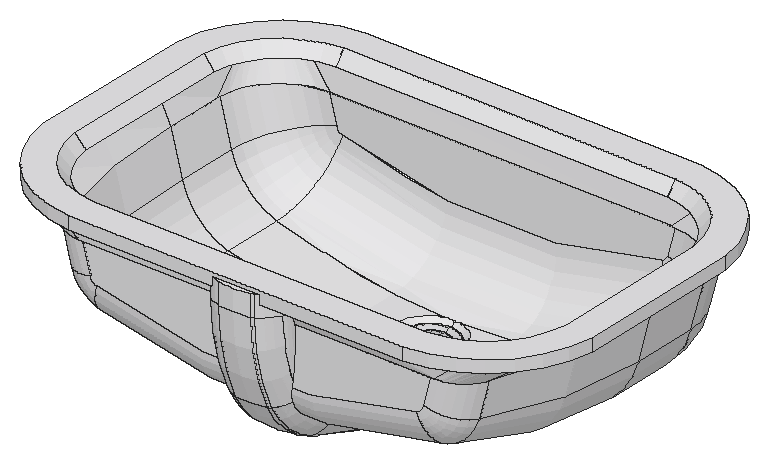
Revit family "Sink-Undermount-Lavatory-KOHLER-Ladena-K-36402X", category Plumbing Fixtures, host Face, Revit 2022
Family settings
  Host = Face
  Round Connector Dimension = Use Diameter
  Part Type = Normal
  OmniClass Number = 23.31.13.00
  Cut with Voids When Loaded = No
  Maintain Annotation Orientation = No
  Shared = No
  Room Calculation Point = No
Parameters (values of type "0-White")
  Width = 22.7874"  # constant formula
  WaterSense Certified = 1 = 0  # no
  Waste Water Outlet = "Waste Water Outlet"  # constant formula
  Waste Connection = 1 = 1  # yes
  Vent Connection = 1 = 0  # no
  URL = "https://www.kohler.co.th/"
  Type = 1
  Product Page URL = ""
  Product Name = "Ladena"  # constant formula
  Product Documentation Link = ""
  Model = if(Type = 1, "K-36402X-0", if(Type = 2, "K-36402PX-HB1", if(Type = 3, "K-36402X-TRF", "NA")))  # "K-36402X-0"
  Material = "Viterous China"  # constant formula
  Master Format 2014 Name = "Residential Lavatories and Sinks"  # constant formula
  Master Format 2014 = "22 41 16"  # constant formula
  Manufacturer Address = "16th Floor, Jasmine City Building 2, Soi Sukhumvit 23, Sukhumvit Road, Khlong Toei Nuea, Watthana, Bangkok 10110"  # constant formula
  Manufacturer = "Kohler Co."  # constant formula
  Length = 15.63386"  # constant formula
  Hot Water Inlet = "Hot Water Inlet"  # constant formula
  Height = 8.38189"  # constant formula
  HW Connection = 1 = 0  # no
  Finish = Kohler-Vitreous_China-0-White
  Environmental Product Declaration = ""
  Drain Included = 1 = 0  # no
  Description = "Refresh Under Counter Reactangular 530 mm"  # constant formula
  Default Elevation = 36"
  Declare Label = ""
  Date Modified = "03/25/2025"  # constant formula
  Date Created = "12/04/2024"  # constant formula
  Copyright = "Copyright Kohler Co."  # constant formula
  Contact Us = "https://www.kohler.co.th/contact-us"
  Cold Water Inlet = "Cold Water Inlet"  # constant formula
  CW Connection = 1 = 0  # no
  Assembly Code = "D2010400"
  ADA Compliant = 1 = 0  # no
Types (4): name | Type | Model | Finish
  (no name) | 1 | "K-36402X-0" | Kohler-Vitreous_China-0-White
  0-White | 1 | "K-36402X-0" | Kohler-Vitreous_China-0-White
  HB1-Honed Black | 2 | "K-36402PX-HB1" | Kohler-Vitreous_China-HB1-Honed_Black
  TRF-Truffle | 3 | "K-36402X-TRF" | KOHLER-Vitreous_China-TRF-Truffle
Reference planes (in)
  plane 1 "Center (Front/Back)": y = 0
  plane 2: z = 0
  plane 3 "Center (Left/Right)": x = 0
  plane 4: z = -1
  plane 5: z = -1.50787
  plane 6: z = -9.38189
  plane 7: y = -2.3563
  plane 8: y = -9.24016
  plane 9: y = 4.52756
  plane 10: x = -10.45866
  plane 11: x = 10.45866
  plane 12: x = -11.3937
  plane 13: x = 11.3937
  plane 14: y = 5.47244
  plane 15: y = -10.16142
Forms (in)
  Extrusion 1, void
    sketch origin (0, 0, 0) x (1, 0, 0) y (0, 1, 0)
      loop
        arc (6.69931, 5.50203) -> (0.00379, 5.70868) -> (-6.692, 5.51055) r 110.85857
        arc (-6.692, 5.51055) -> (-9.93699, 4.08756) -> (-11.48011, 0.89794) r 5.11811
        arc (-11.48011, 0.89794) -> (-11.63975, -2.35044) -> (-11.48711, -5.59916) r 33.87203
        arc (-11.48711, -5.59916) -> (-9.947, -8.79584) -> (-6.69822, -10.22274) r 5.11811
        arc (-6.69822, -10.22274) -> (0.00378, -10.42124) -> (6.70552, -10.21421) r 110.85857
        arc (6.70552, -10.21421) -> (9.95067, -8.78493) -> (11.48804, -5.58958) r 5.11811
        arc (11.48804, -5.58958) -> (11.63977, -2.35044) -> (11.48106, 0.88837) r 33.87203
        arc (11.48106, 0.88837) -> (9.94067, 4.07667) -> (6.69931, 5.50203) r 5.11811
    from -1 to -1.50787
  Extrusion 2, void
    sketch origin (0, 0, 0) x (1, 0, 0) y (0, 0, 1)
      loop
        line (-10.86245, -1.50787) -> (-10.86245, -9.38189) -> (11.29666, -9.38189) -> (11.29666, -1.50787) -> (-10.86245, -1.50787)
    from -5.08654 to 10.35959
  Extrusion 3, void
    sketch origin (0, 0, 0) x (1, 0, 0) y (0, 1, 0)
      loop
        arc (-10.31133, -5.48716) -> (-9.12663, -7.94613) -> (-6.62757, -9.04375) r 3.93701
        arc (-6.62757, -9.04375) -> (0.00303, -9.24014) -> (6.63337, -9.03531) r 109.67747
        arc (6.63337, -9.03531) -> (9.12964, -7.93587) -> (10.31223, -5.47791) r 3.93701
        arc (10.31223, -5.47791) -> (10.45867, -2.35171) -> (10.3055, 0.77416) r 32.69093
        arc (10.3055, 0.77416) -> (9.12058, 3.2267) -> (6.62723, 4.32313) r 3.93701
        arc (6.62723, 4.32313) -> (0.00304, 4.52758) -> (-6.62141, 4.33156) r 109.67747
        arc (-6.62141, 4.33156) -> (-9.11756, 3.23695) -> (-10.30457, 0.7834) r 3.93701
        arc (-10.30457, 0.7834) -> (-10.45864, -2.35172) -> (-10.31133, -5.48716) r 32.69093
    from -1 to 1.68148
Dimensions and locks (in)
  level to plane 4 = 1"
  "Height": plane 4 to plane 6
  plane 10 to plane 11 = 20.91732"
  plane 8 to plane 9 = 13.76772"
  "Length": plane 15 to plane 14
  "Width": plane 12 to plane 13
  plane 4 to plane 5 = 0.50787"
  plane 1 "Center (Front/Back)" to plane 14 = 5.47244"
  plane 3 "Center (Left/Right)" to plane 13 = 11.3937"
  aligned and locked: plane 2 to host face
  aligned and locked: level to host face
  aligned and locked: plane 3 "Center (Left/Right)" to nested 1
  aligned and locked: plane 1 "Center (Front/Back)" to nested 1
  aligned and locked: plane 4 to Extrusion 1
  aligned and locked: Extrusion 2 to plane 6
  aligned and locked: plane 5 to Extrusion 2
  aligned and locked: Extrusion 3 to plane 4
Automatic sketch dimensions
  host sketch curve to host sketch curve = 96"  (x2)
  plane 7 to Extrusion 1 sketch curve = 0.03064"  (x2)
  plane 10 to Extrusion 1 sketch curve = 4.0666"
  Extrusion 1 sketch curve to plane 1 "Center (Front/Back)" = 0.40159"
  plane 10 to Extrusion 1 sketch curve = 4.07254"
  Extrusion 1 sketch curve to plane 3 "Center (Left/Right)" = 0.06675"  (x2)
  Extrusion 1 sketch curve to plane 1 "Center (Front/Back)" = 0.39346"
  plane 11 to Extrusion 1 sketch curve = 4.07172"
  plane 11 to Extrusion 1 sketch curve = 4.0658"
  plane 7 to Extrusion 1 sketch curve = 2.74936"
  plane 7 to Extrusion 1 sketch curve = 2.75749"
  Extrusion 1 sketch curve to Extrusion 1 sketch curve = 0"  (x7)
  Extrusion 2 sketch curve to plane 6 = 0"
  Extrusion 2 sketch curve to plane 5 = 0"
  Extrusion 2 sketch curve to plane 10 = 0.40379"
  plane 7 to Extrusion 3 sketch curve = 0.03064"  (x2)
  plane 7 to Extrusion 3 sketch curve = 2.75749"
  plane 10 to Extrusion 3 sketch curve = 4.0666"
  Extrusion 3 sketch curve to plane 1 "Center (Front/Back)" = 0.40159"
  plane 10 to Extrusion 3 sketch curve = 4.07254"
  Extrusion 3 sketch curve to plane 3 "Center (Left/Right)" = 0.06675"  (x2)
  Extrusion 3 sketch curve to plane 1 "Center (Front/Back)" = 0.39346"
  plane 11 to Extrusion 3 sketch curve = 4.07172"
  plane 11 to Extrusion 3 sketch curve = 4.0658"
  plane 7 to Extrusion 3 sketch curve = 2.74936"
  plane 10 to Extrusion 3 sketch curve = 0.14734"
  Extrusion 3 sketch curve to Extrusion 3 sketch curve = 0"  (x7)
  Extrusion 1 sketch curve to Extrusion 1 sketch curve = 94.92676"
  Extrusion 3 sketch curve to plane 9 = 95.90975"
  Extrusion 1 sketch curve to Extrusion 1 sketch curve = 94.92713"
  plane 8 to Extrusion 3 sketch curve = 95.90971"
  Extrusion 1 sketch curve to plane 10 = 11.77358"
  Extrusion 1 sketch curve to Extrusion 1 sketch curve = 100.03607"
  Extrusion 3 sketch curve to plane 10 = 11.77358"
  Extrusion 1 sketch curve to Extrusion 1 sketch curve = 10.74422"
  Extrusion 2 sketch curve to plane 11 = 0.838"
  Extrusion 3 sketch curve to plane 11 = 11.77361"
Nested families (in)
  nested 1: "K-36402X" at (0, 0, 0), type "K-36402X"
Connectors (in)
  piping at (0, 0, -9.38296), diameter 1.25, driven by "Waste Connection", driven by "Waste Water Outlet"
    settings: on nested 1, index 1, connector inside diameter 24", connector length 0", flow factor 0, pipe flow 0 GPM, pressure drop 0.00 psi, fitting loss kfactor 0, connector angle 0.00°, fixture units 0, engagement length 0", angle of deflection 0.00°, flow configuration 0, flow direction 2, fitting loss method 0, system type 16, joint type 0, gender type 0, connector reference index -1, connector utility 1, adjustable connector no, is connector primary yes, connector description "Waste Water Outlet"
Definition of nested family "K-36402X"
  Parameters
    Material = none
    Default Elevation = 0"
  Reference planes (in)
    plane 1 "Center (Front/Back)": y = 0
    plane 2: z = 0
    plane 3 "Center (Left/Right)": x = 0
    plane 4: z = -1
    plane 5: x = -11.3937
    plane 6: y = 5.47244
    plane 7: y = -10.16142
    plane 8: x = -10.45866
    plane 9: x = 10.45866
    plane 10: y = -2.3563
    plane 11: y = 4.52756
    plane 12: y = -9.24016
    plane 13: z = -1.50787
    plane 14: z = 7.38189
    plane 15: z = -9.38189
    plane 16 "A": through (0, 1.9191, -7.11523) normal (0, 0.9816, -0.1908)
    plane 17: x = 11.3937
  Forms (in)
    Sweep 1, solid, material <- "Material", detail levels medium+fine
      path origin (0, 0, 0) x (1, 0, 0) y (0, 0, 1)
        loop
          line (10.35118, -1.50153) -> (9.57221, -4.40867)
          arc (9.57221, -4.40867) -> (8.77674, -5.82154) -> (7.39961, -6.67738) r 3.26429
          arc (7.39961, -6.67738) -> (0, -7.81491) -> (-7.39961, -6.67738) r 24.6358
          arc (-7.39961, -6.67738) -> (-8.77674, -5.82154) -> (-9.57221, -4.40867) r 3.26429
          line (-9.57221, -4.40867) -> (-10.35118, -1.50153)
      profile origin (0, 0, -7.81491) x (0, 0, -1) y (0, -1, 0)
        loop
          line (0, -1.3925) -> (0, 1.2766)
          arc (0, 1.2766) -> (-0.33302, 4.62674) -> (-1.31904, 7.84577) r 17.01763
          arc (-1.31904, 7.84577) -> (-1.92824, 8.58399) -> (-2.84442, 8.86101) r 1.65354
          line (-2.84442, 8.86101) -> (-2.97524, 8.86101) -> (-2.97524, 8.38883) -> (-2.5544, 8.38883)
          arc (-2.5544, 8.38883) -> (-1.76488, 8.12316) -> (-1.2966, 7.43423) r 1.30594
          arc (-1.2966, 7.43423) -> (-0.6647, 4.38419) -> (-0.45276, 1.2766) r 22.88834
          line (-0.45276, 1.2766) -> (-0.45276, -1.23529)
          arc (-0.45276, -1.23529) -> (-1.16769, -2.9613) -> (-2.8937, -3.67623) r 2.44094
          line (-2.8937, -3.67623) -> (-3.1967, -3.67623) -> (-3.1967, -4.14841) -> (-2.75591, -4.14841)
          arc (-2.75591, -4.14841) -> (-0.80719, -3.34122) -> (0, -1.3925) r 2.75591
    Extrusion 2, solid, material <- "Material", detail levels medium+fine
      sketch origin (0, 0, 0) x (1, 0, 0) y (0, 0, 1)
        loop
          line (7.47732, -0.73148) -> (-7.47732, -0.73148) -> (-6.69835, -3.63862)
          arc (-6.69835, -3.63862) -> (-6.62791, -3.76373) -> (-6.50596, -3.83952) r 0.28906
          arc (-6.50596, -3.83952) -> (0, -4.83968) -> (6.50596, -3.83952) r 21.66057
          arc (6.50596, -3.83952) -> (6.62791, -3.76373) -> (6.69835, -3.63862) r 0.28906
          line (6.69835, -3.63862) -> (7.47732, -0.73148)
      from -4.14841 to -3.67623
    Extrusion 3, solid, material <- "Material", detail levels medium+fine
      sketch origin (0, 0, 0) x (1, 0, 0) y (0, 0, 1)
        loop
          arc (-6.69835, -3.63862) -> (-6.62791, -3.76373) -> (-6.50596, -3.83952) r 0.28906
          arc (-6.50596, -3.83952) -> (0, -4.83968) -> (6.50596, -3.83952) r 21.66057
          arc (6.50596, -3.83952) -> (6.62791, -3.76373) -> (6.69835, -3.63862) r 0.28906
          line (6.69835, -3.63862) -> (7.47732, -0.73148) -> (-7.47732, -0.73148) -> (-6.69835, -3.63862)
      from 8.38883 to 8.86101
    Extrusion 4, void
      sketch origin (0, 0, 0) x (0, 1, 0) y (0, 0, 1)
        loop
          line (6.49332, -2.51542) -> (6.49332, 0.24049) -> (-11.61691, 0.24049) -> (-11.61691, -2.51542) -> (6.49332, -2.51542)
      from -12.17349 to 12.00727
    Sweep 5, solid, material <- "Material", detail levels medium+fine
      path origin (0, 0, 0) x (1, 0, 0) y (0, 1, 0)
        loop
          arc (-11.21201, 1.11103) -> (-11.39362, -2.30965) -> (-11.2288, -5.73118) r 33.87203
          arc (-11.2288, -5.73118) -> (-9.81344, -8.65042) -> (-6.84311, -9.95519) r 4.69558
          arc (-6.84311, -9.95519) -> (0.00548, -10.16246) -> (6.8538, -9.94626) r 110.85857
          arc (6.8538, -9.94626) -> (9.81769, -8.64073) -> (11.22933, -5.72588) r 4.69115
          arc (11.22933, -5.72588) -> (11.39363, -2.31281) -> (11.21321, 1.09944) r 33.87203
          arc (11.21321, 1.09944) -> (9.81101, 3.96939) -> (6.88662, 5.25418) r 4.64253
          arc (6.88662, 5.25418) -> (0.00265, 5.47244) -> (-6.8816, 5.2628) r 110.85857
          arc (-6.8816, 5.2628) -> (-9.80789, 3.98075) -> (-11.21201, 1.11103) r 4.64058
      profile origin (-11.39362, -2.30965, 0) x (0.999997, -0.002455, 0) y (0, 0, 1)
        loop
          line (1.1811, -0.99659) -> (0, -0.99659) -> (0, -1.50153) -> (1.5874, -1.50153)
          arc (1.5874, -1.50153) -> (1.39655, -1.23916) -> (1.1811, -0.99659) r 3.33292
    Blend 6, void
      base sketch origin (0, 0, 0) x (1, 0, 0) y (0, 1, 0)
        loop
          arc (-7.05172, 3.67623) -> (-8.86125, 2.9267) -> (-9.61078, 1.11718) r 2.55906
          line (-9.61078, 1.11718) -> (-9.61078, -1.27352)
          arc (-9.61078, -1.27352) -> (-9.39221, -4.3782) -> (-8.7408, -7.42164) r 22.15941
          arc (-8.7408, -7.42164) -> (-8.25934, -8.12005) -> (-7.45477, -8.38883) r 1.33858
          line (-7.45477, -8.38883) -> (7.54341, -8.38883)
          arc (7.54341, -8.38883) -> (8.27491, -8.14532) -> (8.71451, -7.51195) r 1.22047
          arc (8.71451, -7.51195) -> (9.38557, -4.42476) -> (9.61078, -1.27352) r 22.15941
          line (9.61078, -1.27352) -> (9.61078, 0.99907)
          arc (9.61078, 0.99907) -> (8.82665, 2.89211) -> (6.93361, 3.67623) r 2.67717
          line (6.93361, 3.67623) -> (-7.05172, 3.67623)
      top sketch origin (0, 0, 0) x (1, 0, 0) y (0, 1, 0)
        loop
          arc (7.99256, 3.82367) -> (0.00208, 4.12126) -> (-7.98877, 3.83374) r 109.27117
          arc (-7.98877, 3.83374) -> (-9.14005, 3.33152) -> (-9.7222, 2.21852) r 1.88976
          arc (-9.7222, 2.21852) -> (-9.92792, 0.44512) -> (-10.0353, -1.33695) r 32.28463
          arc (-10.0353, -1.33695) -> (-9.99538, -4.30447) -> (-9.68313, -7.2558) r 32.28463
          arc (-9.68313, -7.2558) -> (-9.2212, -8.12738) -> (-8.31714, -8.52197) r 1.49606
          arc (-8.31714, -8.52197) -> (0.00192, -8.83386) -> (8.32058, -8.51151) r 109.27117
          arc (8.32058, -8.51151) -> (9.22365, -8.11625) -> (9.68478, -7.24498) r 1.49606
          arc (9.68478, -7.24498) -> (9.99571, -4.29901) -> (10.0353, -1.33695) r 32.28463
          arc (10.0353, -1.33695) -> (9.92838, 0.43983) -> (9.72371, 2.20801) r 32.28463
          arc (9.72371, 2.20801) -> (9.14257, 3.3206) -> (7.99256, 3.82367) r 1.88976
      from -2.51542 to -1.50153
    Blend 7, solid, material <- "Material"
      base sketch origin (0.08027, 0, 0) x (1, 0, 0) y (0, 1, 0)
        loop
          arc (8.57814, -7.97204) -> (9.63458, -4.72105) -> (9.99923, -1.32222) r 16.5182
          line (9.99923, -1.32222) -> (9.99923, 1.31376)
          arc (9.99923, 1.31376) -> (9.16899, 3.31816) -> (7.16459, 4.14841) r 2.83465
          line (7.16459, 4.14841) -> (-7.32513, 4.14841)
          arc (-7.32513, 4.14841) -> (-9.32953, 3.31816) -> (-10.15978, 1.31376) r 2.83465
          line (-10.15978, 1.31376) -> (-10.15978, -1.32222)
          arc (-10.15978, -1.32222) -> (-9.79512, -4.72105) -> (-8.73868, -7.97204) r 16.5182
          arc (-8.73868, -7.97204) -> (-8.18679, -8.61923) -> (-7.37133, -8.86101) r 1.49606
          line (-7.37133, -8.86101) -> (7.21079, -8.86101)
          arc (7.21079, -8.86101) -> (8.02625, -8.61923) -> (8.57814, -7.97204) r 1.49606
      top sketch origin (0.08027, 0, 0) x (1, 0, 0) y (0, 1, 0)
        loop
          arc (8.00983, 4.27638) -> (0.00238, 4.57401) -> (-8.00544, 4.28647) r 109.72392
          arc (-8.00544, 4.28647) -> (-9.44521, 3.65838) -> (-10.17275, 2.26621) r 2.3622
          arc (-10.17275, 2.26621) -> (-10.37968, 0.47633) -> (-10.48781, -1.32222) r 32.73739
          arc (-10.48781, -1.32222) -> (-10.44783, -4.32305) -> (-10.13322, -7.30761) r 32.73739
          arc (-10.13322, -7.30761) -> (-9.52553, -8.45518) -> (-8.33542, -8.97463) r 1.9685
          arc (-8.33542, -8.97463) -> (0.00221, -9.28661) -> (8.33945, -8.96415) r 109.72392
          arc (8.33945, -8.96415) -> (9.52825, -8.44381) -> (10.13488, -7.29665) r 1.9685
          arc (10.13488, -7.29665) -> (10.44816, -4.31752) -> (10.48781, -1.32222) r 32.73739
          arc (10.48781, -1.32222) -> (10.38015, 0.47098) -> (10.17428, 2.25557) r 32.73739
          arc (10.17428, 2.25557) -> (9.448, 3.64723) -> (8.00983, 4.27638) r 2.3622
      from -2.51542 to -1.50153
    Sweep 8, solid, material <- "Material"
      path origin (0, 0, 0) x (0, 1, 0) y (0, 0, 1)
        loop
          arc (0.1399, -9.10944) -> (-3.627, -8.92534) -> (-7.24136, -7.84842) r 15.70301
          arc (-7.24136, -7.84842) -> (-8.49176, -7.02373) -> (-9.38816, -5.8237) r 4.34852
          arc (-9.38816, -5.8237) -> (-10.0663, -3.97372) -> (-10.29654, -2.01686) r 8.43103
          line (-10.29654, -2.01686) -> (-10.29654, -1.14798)
      profile origin (0, -10.29654, -1.58242) x (0, -1, 0) y (1, 0, 0)
        loop
          arc (-0.18346, -0.55598) -> (-0.14855, 0.08182) -> (-0.21003, 0.71761) r 4.23211
          arc (-0.21003, 0.71761) -> (-0.23029, 0.79112) -> (-0.26434, 0.85934) r 0.3937
          arc (-0.26434, 0.85934) -> (-0.56541, 1.20943) -> (-0.95668, 1.45462) r 1.54111
          arc (-0.95668, 1.45462) -> (-1.26511, 1.53449) -> (-1.58317, 1.51584) r 1.02536
          line (-1.58317, 1.51584) -> (-1.58317, -1.51584)
          arc (-1.58317, -1.51584) -> (-1.26511, -1.53449) -> (-0.95668, -1.45462) r 1.02536
          arc (-0.95668, -1.45462) -> (-0.65806, -1.28309) -> (-0.40498, -1.04954) r 1.54111
          arc (-0.40498, -1.04954) -> (-0.25798, -0.81903) -> (-0.18346, -0.55598) r 0.94071
    Revolve 9, void
      sketch origin (0, 0, 0) x (0, 1, 0) y (0, 0, 1)
        loop
          line (1.44636, -7.17063) -> (0, -7.17063) -> (0, -9.19284) -> (0.87658, -9.19284) -> (0.87658, -7.85865)
          arc (0.87658, -7.85865) -> (0.89831, -7.7494) -> (0.9602, -7.65679) r 0.28548
          line (0.9602, -7.65679) -> (1.44636, -7.17063)
        axis (0, -9.19284) -> (0, -7.17063)
      angle from 0 to 360
    Revolve 10, solid, detail levels medium+fine
      sketch origin (0, 0, 0) x (0, 1, 0) y (0, 0, 1)
        loop
          arc (0.00146, -7.49155) -> (-0.37845, -7.51712) -> (-0.75125, -7.59462) r 2.76678
          arc (-0.75125, -7.59462) -> (-0.76759, -7.61956) -> (-0.74511, -7.63915) r 0.02269
          line (-0.74511, -7.63915) -> (-0.25348, -7.63915) -> (-0.25348, -8.10224) -> (0.00146, -8.10224) -> (0.00146, -7.49155)
        axis (0.00146, -8.10224) -> (0.00146, -7.49155)
      angle from 0 to 360
    Revolve 11, solid, detail levels medium+fine
      sketch origin (0, 0, 0) x (0, 1, 0) y (0, 0, 1)
        loop
          arc (-0.75682, -8.24845) -> (-0.72219, -8.27625) -> (-0.69529, -8.24093) r 0.031
          line (-0.69529, -8.24093) -> (-0.7845, -7.63915)
          arc (-0.7845, -7.63915) -> (-0.89645, -7.55318) -> (-1.03264, -7.51607) r 0.36535
          arc (-1.03264, -7.51607) -> (-1.06307, -7.53846) -> (-1.04577, -7.57205) r 0.02912
          arc (-1.04577, -7.57205) -> (-0.94864, -7.61064) -> (-0.85067, -7.64705) r 4.68246
          arc (-0.85067, -7.64705) -> (-0.8226, -7.66739) -> (-0.80978, -7.6996) r 0.06218
          line (-0.80978, -7.6996) -> (-0.75682, -8.24845)
        axis (0.00146, -8.24845) -> (0.00146, -7.51607)
      angle from 0 to 360
    Revolve 12, solid, material <- "Material", detail levels medium+fine
      sketch origin (0, 0, 0) x (0, 1, 0) y (0, 0, 1)
        loop
          line (1.42746, -9.38296) -> (1.57551, -7.69075) -> (1.12692, -7.69075) -> (1.01667, -8.95085)
          arc (1.01667, -8.95085) -> (1.00439, -8.97575) -> (0.97851, -8.98582) r 0.03831
          line (0.97851, -8.98582) -> (0.92436, -8.98582)
          arc (0.92436, -8.98582) -> (0.89657, -8.99732) -> (0.88506, -9.02511) r 0.03929
          line (0.88506, -9.02511) -> (0.88506, -9.38296) -> (1.42746, -9.38296)
        axis (0, -9.38296) -> (0, -7.69075)
      angle from 0 to 360
    Extrusion 13, void
      sketch origin (0, 0, 0) x (0, 1, 0) y (0, 0, 1)
        loop
          line (-8.818, -2.61786) -> (-8.818, -4.87132)
          arc (-8.818, -4.87132) -> (-8.54153, -5.78668) -> (-7.80456, -6.39595) r 1.65354
          arc (-7.80456, -6.39595) -> (-6.03883, -7.03273) -> (-4.21708, -7.48505) r 18.2757
          line (-4.21708, -7.48505) -> (-4.21708, -0.99659) -> (-9.49861, -0.99659) -> (-8.818, -2.61786)
      from -2.31361 to 2.3162
    Sweep 14, solid, material <- "Material", detail levels coarse
      path origin (0, 0, 0) x (1, 0, 0) y (0, 0, 1)
        loop
          line (10.35118, -1.50153) -> (9.57221, -4.40867)
          arc (9.57221, -4.40867) -> (8.77674, -5.82154) -> (7.39961, -6.67738) r 3.26429
          arc (7.39961, -6.67738) -> (0, -7.81491) -> (-7.39961, -6.67738) r 24.6358
          arc (-7.39961, -6.67738) -> (-8.77674, -5.82154) -> (-9.57221, -4.40867) r 3.26429
          line (-9.57221, -4.40867) -> (-10.35118, -1.50153)
      profile origin (0, 0, -7.81491) x (0, 0, -1) y (0, -1, 0)
        loop
          line (0, -1.3925) -> (0, 1.2766)
          arc (0, 1.2766) -> (-0.33302, 4.62674) -> (-1.31904, 7.84577) r 17.01763
          arc (-1.31904, 7.84577) -> (-1.92824, 8.58399) -> (-2.84442, 8.86101) r 1.65354
          line (-2.84442, 8.86101) -> (-2.97524, 8.86101) -> (-2.97524, 8.38883) -> (-2.5544, 8.38883)
          arc (-2.5544, 8.38883) -> (-1.76488, 8.12316) -> (-1.2966, 7.43423) r 1.30594
          arc (-1.2966, 7.43423) -> (-0.6647, 4.38419) -> (-0.45276, 1.2766) r 22.88834
          line (-0.45276, 1.2766) -> (-0.45276, -1.23529)
          arc (-0.45276, -1.23529) -> (-1.16769, -2.9613) -> (-2.8937, -3.67623) r 2.44094
          line (-2.8937, -3.67623) -> (-3.1967, -3.67623) -> (-3.1967, -4.14841) -> (-2.75591, -4.14841)
          arc (-2.75591, -4.14841) -> (-0.80719, -3.34122) -> (0, -1.3925) r 2.75591
    Extrusion 15, solid, material <- "Material", detail levels coarse
      sketch origin (0, 0, 0) x (1, 0, 0) y (0, 0, 1)
        loop
          arc (-6.69835, -3.63862) -> (-6.62791, -3.76373) -> (-6.50596, -3.83952) r 0.28906
          arc (-6.50596, -3.83952) -> (0, -4.83968) -> (6.50596, -3.83952) r 21.66057
          arc (6.50596, -3.83952) -> (6.62791, -3.76373) -> (6.69835, -3.63862) r 0.28906
          line (6.69835, -3.63862) -> (6.99931, -2.51542) -> (-6.99931, -2.51542) -> (-6.69835, -3.63862)
      from 8.38883 to 8.86101
    Extrusion 16, solid, material <- "Material", detail levels coarse
      sketch origin (0, 0, 0) x (1, 0, 0) y (0, 0, 1)
        loop
          line (6.47485, -3.61711) -> (6.77004, -2.51542) -> (-6.77004, -2.51542) -> (-6.47485, -3.61711)
          arc (-6.47485, -3.61711) -> (0, -4.61822) -> (6.47485, -3.61711) r 21.43911
      from -4.14841 to -3.67623
    Extrusion 17, solid, material <- "Material", detail levels coarse
      sketch origin (0, 0, 0) x (1, 0, 0) y (0, 1, 0)
        loop
          arc (6.88662, 5.25418) -> (0.00265, 5.47244) -> (-6.8816, 5.2628) r 110.85857
          arc (-6.8816, 5.2628) -> (-9.80789, 3.98075) -> (-11.21201, 1.11103) r 4.64058
          arc (-11.21201, 1.11103) -> (-11.39362, -2.30965) -> (-11.2288, -5.73118) r 33.87203
          arc (-11.2288, -5.73118) -> (-9.81344, -8.65042) -> (-6.84311, -9.95519) r 4.69558
          arc (-6.84311, -9.95519) -> (0.00548, -10.16246) -> (6.8538, -9.94626) r 110.85857
          arc (6.8538, -9.94626) -> (9.81769, -8.64073) -> (11.22933, -5.72588) r 4.69115
          arc (11.22933, -5.72588) -> (11.39363, -2.31281) -> (11.21321, 1.09944) r 33.87203
          arc (11.21321, 1.09944) -> (9.81101, 3.96939) -> (6.88662, 5.25418) r 4.64253
        loop
          arc (6.76778, -8.571) -> (8.86107, -7.64894) -> (9.85806, -5.59028) r 3.3132
          arc (9.85806, -5.59028) -> (10.01568, -2.31607) -> (9.8426, 0.95737) r 32.49408
          arc (9.8426, 0.95737) -> (8.85659, 2.97549) -> (6.80019, 3.87894) r 3.26458
          arc (6.80019, 3.87894) -> (0.00178, 4.09449) -> (-6.79689, 3.88745) r 109.48062
          arc (-6.79689, 3.88745) -> (-8.85426, 2.98609) -> (-9.84145, 0.96849) r 3.26263
          arc (-9.84145, 0.96849) -> (-10.01567, -2.31303) -> (-9.85756, -5.59537) r 32.49408
          arc (-9.85756, -5.59537) -> (-8.85754, -7.65794) -> (-6.75888, -8.57981) r 3.31763
          arc (-6.75888, -8.57981) -> (0.00458, -8.78451) -> (6.76778, -8.571) r 109.48062
      from -1.50153 to -0.99659
    Revolve 18, solid, material <- "Material", detail levels coarse
      sketch origin (0, 0, 0) x (0, 1, 0) y (0, 0, 1)
        loop
          line (1.42746, -9.38296) -> (1.57551, -7.69075) -> (1.12692, -7.69075) -> (1.01667, -8.95085)
          arc (1.01667, -8.95085) -> (1.00439, -8.97575) -> (0.97851, -8.98582) r 0.03831
          line (0.97851, -8.98582) -> (0.92436, -8.98582)
          arc (0.92436, -8.98582) -> (0.89657, -8.99732) -> (0.88506, -9.02511) r 0.03929
          line (0.88506, -9.02511) -> (0.88506, -9.38296) -> (1.42746, -9.38296)
        axis (0, -9.38296) -> (0, -7.69075)
      angle from 0 to 360
    Extrusion 19, void
      sketch origin (0, 0, 0) x (1, 0, 0) y (0, 0, 1)
        loop
          circle (0, -2.09822) r 0.19685
      from 8.19135 to 9.84252
  Cuts and joins
    Extrusion 4, Revolve 9 cuts Sweep 1
    Extrusion 4 cuts Extrusion 2
    Extrusion 4 cuts Extrusion 3
    joined: Sweep 1, Extrusion 2, Extrusion 3
    Blend 6, Extrusion 19 cuts Blend 7
    Revolve 9, Extrusion 13 cuts Sweep 8
    Extrusion 4 cuts Sweep 14
    joined: Sweep 14, Extrusion 15, Extrusion 16
  Lines and regions (in)
    Masking region 1
      outline origin (0, 0, 0) x (0, 1, 0) y (0, 0, 1)
        loop
          arc (-10.13617, -1.43318) -> (-10.13042, -1.57395) -> (-10.12159, -1.71456) r 6.44366
          arc (-10.12159, -1.71456) -> (-10.06284, -2.39252) -> (-9.97491, -3.06731) r 15.78535
          arc (-9.97491, -3.06731) -> (-9.63946, -4.56863) -> (-9.04175, -5.9861) r 8.59497
          arc (-9.04175, -5.9861) -> (-8.14672, -7.1598) -> (-6.9232, -7.98541) r 4.5521
          arc (-6.9232, -7.98541) -> (-5.98973, -8.35156) -> (-5.0247, -8.6239) r 10.15964
          arc (-5.0247, -8.6239) -> (-3.30415, -8.96703) -> (-1.56175, -9.17209) r 22.01695
          arc (-1.56175, -9.17209) -> (-1.43835, -9.22851) -> (-1.38071, -9.35133) r 0.197
          line (-1.38071, -9.35133) -> (-1.37798, -9.38256) -> (1.37793, -9.38256) -> (1.5226, -7.72902)
          arc (1.5226, -7.72902) -> (1.5446, -7.68089) -> (1.59204, -7.65745) r 0.079
          arc (1.59204, -7.65745) -> (2.04344, -7.56396) -> (2.47191, -7.39391) r 2.65892
          arc (2.47191, -7.39391) -> (2.80714, -7.15663) -> (3.05611, -6.82999) r 1.3581
          arc (3.05611, -6.82999) -> (3.2526, -6.32856) -> (3.391, -5.80808) r 4.74413
          arc (3.391, -5.80808) -> (3.76334, -4.16077) -> (4.14218, -2.51494) r 427.62167
          arc (4.14218, -2.51494) -> (4.35764, -2.01544) -> (4.65593, -1.56054) r 3.14555
          arc (4.65593, -1.56054) -> (4.6995, -1.52354) -> (4.75403, -1.5064) r 0.14404
          line (4.75403, -1.5064) -> (5.44974, -1.43318) -> (5.47244, -1) -> (-10.16142, -1) -> (-10.13872, -1.43318)
    Masking region 2
      outline origin (0, 0, 0) x (1, 0, 0) y (0, 0, 1)
        loop
          line (1.37812, -9.38259) -> (1.5177, -7.78723)
          arc (1.5177, -7.78723) -> (1.54179, -7.73702) -> (1.59302, -7.71519) r 0.079
          arc (1.59302, -7.71519) -> (2.91115, -7.61705) -> (4.22045, -7.43587) r 20.92094
          arc (4.22045, -7.43587) -> (5.65503, -7.14597) -> (7.07118, -6.77638) r 26.18892
          arc (7.07118, -6.77638) -> (7.84687, -6.47085) -> (8.54912, -6.0215) r 4.30418
          arc (8.54912, -6.0215) -> (9.05888, -5.51641) -> (9.42406, -4.89866) r 2.80965
          arc (9.42406, -4.89866) -> (9.63302, -4.28768) -> (9.78929, -3.66114) r 7.58925
          arc (9.78929, -3.66114) -> (9.92328, -3.086) -> (10.07364, -2.51492) r 20.67423
          arc (10.07364, -2.51492) -> (10.29665, -2.00361) -> (10.6048, -1.53862) r 3.21054
          arc (10.6048, -1.53862) -> (10.62857, -1.51858) -> (10.65823, -1.50926) r 0.079
          line (10.65823, -1.50926) -> (11.371, -1.4332) -> (11.3937, -1) -> (-11.3937, -1) -> (-11.371, -1.4332) -> (-10.75284, -1.4822)
          arc (-10.75284, -1.4822) -> (-10.65186, -1.51213) -> (-10.57172, -1.58047) r 0.25382
          arc (-10.57172, -1.58047) -> (-10.28371, -2.027) -> (-10.0733, -2.51492) r 3.21054
          arc (-10.0733, -2.51492) -> (-9.92294, -3.086) -> (-9.78895, -3.66114) r 20.67423
          arc (-9.78895, -3.66114) -> (-9.63268, -4.28768) -> (-9.42372, -4.89866) r 7.58925
          arc (-9.42372, -4.89866) -> (-9.05854, -5.51641) -> (-8.54878, -6.0215) r 2.80965
          arc (-8.54878, -6.0215) -> (-7.84653, -6.47085) -> (-7.07084, -6.77638) r 4.30418
          arc (-7.07084, -6.77638) -> (-5.65469, -7.14597) -> (-4.22011, -7.43587) r 26.18892
          arc (-4.22011, -7.43587) -> (-2.91081, -7.61705) -> (-1.59268, -7.71519) r 20.92094
          arc (-1.59268, -7.71519) -> (-1.54145, -7.73702) -> (-1.51736, -7.78723) r 0.079
          line (-1.51736, -7.78723) -> (-1.37778, -9.38259) -> (1.37812, -9.38259)
    Masking region 3
      outline origin (0, 0, 0) x (1, 0, 0) y (0, 1, 0)
        loop
          arc (6.88664, 5.25525) -> (0.00267, 5.47351) -> (-6.88158, 5.26387) r 110.85857
          arc (-6.88158, 5.26387) -> (-9.80787, 3.98182) -> (-11.21199, 1.1121) r 4.64058
          arc (-11.21199, 1.1121) -> (-11.3936, -2.30858) -> (-11.22879, -5.73011) r 33.87203
          arc (-11.22879, -5.73011) -> (-9.81342, -8.64935) -> (-6.84309, -9.95412) r 4.69558
          arc (-6.84309, -9.95412) -> (0.0055, -10.16139) -> (6.85382, -9.94519) r 110.85857
          arc (6.85382, -9.94519) -> (9.81771, -8.63966) -> (11.22935, -5.72481) r 4.69115
          arc (11.22935, -5.72481) -> (11.39365, -2.31174) -> (11.21323, 1.10051) r 33.87203
          arc (11.21323, 1.10051) -> (9.81103, 3.97046) -> (6.88664, 5.25525) r 4.64253
    symbolic lines
      curve 1: arc (0.00017, 4.52754, 0) -> (-2.0014, 4.51071, 0) -> (-4.00283, 4.48141, 0) r 321.54906
      curve 2: arc (-4.00283, 4.48141, 0) -> (-5.40851, 4.41542, 0) -> (-6.80929, 4.28084, 0) r 28.80067
      curve 3: arc (-6.80929, 4.28084, 0) -> (-7.95175, 3.99394, 0) -> (-8.98679, 3.43159, 0) r 4.6932
      curve 4: arc (-8.98679, 3.43159, 0) -> (-9.74565, 2.53135, 0) -> (-10.16642, 1.43168, 0) r 3.53182
      curve 5: arc (-10.16642, 1.43168, 0) -> (-10.35857, 0.28129, 0) -> (-10.43643, -0.88243, 0) r 11.8235
      curve 6: arc (-10.43643, -0.88243, 0) -> (-10.45064, -1.61905, 0) -> (-10.45828, -2.35577, 0) r 82.56176
      curve 7: arc (-4.00283, -9.19296, 0) -> (-2.0014, -9.22225, 0) -> (0.00017, -9.23909, 0) r 321.54906
      curve 8: arc (-6.80929, -8.99239, 0) -> (-5.40851, -9.12697, 0) -> (-4.00283, -9.19296, 0) r 28.80067
      curve 9: arc (-8.98679, -8.14314, 0) -> (-7.95175, -8.70548, 0) -> (-6.80929, -8.99239, 0) r 4.6932
      curve 10: arc (-10.16642, -6.14323, 0) -> (-9.74565, -7.2429, 0) -> (-8.98679, -8.14314, 0) r 3.53182
      curve 11: arc (-10.43643, -3.82911, 0) -> (-10.35857, -4.99284, 0) -> (-10.16642, -6.14323, 0) r 11.8235
      curve 12: arc (-10.45828, -2.35577, 0) -> (-10.45064, -3.09249, 0) -> (-10.43643, -3.82911, 0) r 82.56176
      curve 19: arc (4.00317, 4.48141, 0) -> (2.00174, 4.51071, 0) -> (0.00017, 4.52754, 0) r 321.54906
      curve 20: arc (6.80963, 4.28084, 0) -> (5.40885, 4.41542, 0) -> (4.00317, 4.48141, 0) r 28.80067
      curve 21: arc (8.98713, 3.43159, 0) -> (7.95209, 3.99394, 0) -> (6.80963, 4.28084, 0) r 4.6932
      curve 22: arc (10.16676, 1.43168, 0) -> (9.74599, 2.53135, 0) -> (8.98713, 3.43159, 0) r 3.53182
      curve 23: arc (10.43677, -0.88243, 0) -> (10.35891, 0.28129, 0) -> (10.16676, 1.43168, 0) r 11.8235
      curve 24: arc (10.45862, -2.35577, 0) -> (10.45098, -1.61905, 0) -> (10.43677, -0.88243, 0) r 82.56176
      curve 25: arc (0.00017, -9.23909, 0) -> (2.00174, -9.22225, 0) -> (4.00317, -9.19296, 0) r 321.54906
      curve 26: arc (4.00317, -9.19296, 0) -> (5.40885, -9.12697, 0) -> (6.80963, -8.99239, 0) r 28.80067
      curve 27: arc (6.80963, -8.99239, 0) -> (7.95209, -8.70548, 0) -> (8.98713, -8.14314, 0) r 4.6932
      curve 28: arc (8.98713, -8.14314, 0) -> (9.74599, -7.2429, 0) -> (10.16676, -6.14323, 0) r 3.53182
      curve 29: arc (10.16676, -6.14323, 0) -> (10.35891, -4.99284, 0) -> (10.43677, -3.82911, 0) r 11.8235
      curve 30: arc (10.43677, -3.82911, 0) -> (10.45098, -3.09249, 0) -> (10.45862, -2.35577, 0) r 82.56176
      curve 37: circle (0.00017, -0.00002, 0) r 0.88583 normal (0, 0, 1)
    symbolic lines, detail levels medium+fine
      curve 13: arc (0.00017, -8.2427, 0) -> (-0.17476, -8.25214, 0) -> (-0.34866, -8.27323, 0) r 2.62568
      curve 14: arc (-0.34866, -8.27323, 0) -> (-0.40904, -8.28875, 0) -> (-0.46694, -8.31187, 0) r 0.48708
      curve 15: arc (-0.46694, -8.31187, 0) -> (-0.49017, -8.32698, 0) -> (-0.50784, -8.34832, 0) r 0.09203
      curve 16: arc (-0.50784, -8.34832, 0) -> (-0.50967, -8.37535, 0) -> (-0.49589, -8.39868, 0) r 0.04575
      curve 17: arc (-0.49589, -8.39868, 0) -> (-0.42693, -8.44747, 0) -> (-0.34889, -8.47981, 0) r 0.37956
      curve 18: arc (-0.34889, -8.47981, 0) -> (-0.17613, -8.51811, 0) -> (0.00017, -8.53327, 0) r 1.33784
      curve 31: arc (0.349, -8.27323, 0) -> (0.1751, -8.25214, 0) -> (0.00017, -8.2427, 0) r 2.62568
      curve 32: arc (0.46729, -8.31187, 0) -> (0.40938, -8.28875, 0) -> (0.349, -8.27323, 0) r 0.48708
      curve 33: arc (0.50818, -8.34832, 0) -> (0.49051, -8.32698, 0) -> (0.46729, -8.31187, 0) r 0.09203
      curve 34: arc (0.49624, -8.39868, 0) -> (0.51001, -8.37535, 0) -> (0.50818, -8.34832, 0) r 0.04575
      curve 35: arc (0.34923, -8.47981, 0) -> (0.42727, -8.44747, 0) -> (0.49624, -8.39868, 0) r 0.37956
      curve 36: arc (0.00017, -8.53327, 0) -> (0.17647, -8.51811, 0) -> (0.34923, -8.47981, 0) r 1.33784
      curve 38: circle (0.00017, -0.00002, 0) r 1.2895 normal (0, 0, 1)
      curve 39: arc (0, -8.84616, -2.51471) -> (0, -9.06892, -2.00375) -> (0, -9.37619, -1.53869) r 3.23058
      curve 40: arc (0, -9.37619, -1.53869) -> (0, -9.40095, -1.51806) -> (0, -9.43189, -1.50904) r 0.07892
      curve 41: arc (0, -8.57172, -3.65106) -> (0, -8.69791, -3.08022) -> (0, -8.84616, -2.51471) r 15.06839
      curve 42: arc (0, -8.57172, -3.65106) -> (0, -8.3749, -4.54779) -> (0, -8.11385, -5.42795) r 12.70522
      curve 43: arc (0, -8.11385, -5.42795) -> (0, -7.95745, -5.75426) -> (0, -7.75387, -6.05342) r 2.40561
      curve 44: arc (0, -7.75387, -6.05342) -> (0, -7.10918, -6.59499) -> (0, -6.33863, -6.93437) r 2.97673
      curve 45: arc (0, -6.33863, -6.93437) -> (0, -5.4982, -7.16378) -> (0, -4.64447, -7.33728) r 13.20755
      curve 46: arc (0, -4.64447, -7.33728) -> (0, -2.79512, -7.58938) -> (0, -0.9327, -7.71194) r 26.75444
      curve 47: arc (0, -0.9327, -7.71194) -> (0, -0.30187, -7.71437) -> (0, 0.32896, -7.71475) r 193.80682
      curve 48: arc (0, 0.32896, -7.71475) -> (0, 0.96129, -7.7035) -> (0, 1.59204, -7.65745) r 11.48065
      curve 49: arc (0, -1.01374, -7.78903) -> (0, -0.99674, -7.90884) -> (0, -0.97941, -8.02861) r 45.72372
      curve 50: arc (0, -1.01431, -8.42732) -> (0, -0.9736, -8.23) -> (0, -0.97941, -8.02861) r 0.86931
      curve 51: arc (0, -1.56175, -9.17209) -> (0, -1.24666, -8.83011) -> (0, -1.01431, -8.42732) r 2.10592
      curve 52: line (0, -10.13617, -1.43318) -> (0, 5.44974, -1.43318)
      curve 53: line (0, -10.13617, -1.43318) -> (0, -9.43189, -1.50904)
      curve 54: line (0, -9.43189, -1.50904) -> (0, 4.72895, -1.50904)
      curve 55: line (0, -1.01374, -7.78903) -> (0, -1.01374, -7.70932)
      curve 56: arc (-1.5164, 0, -1.70488) -> (-1.52311, 0, -2.2203) -> (-1.52055, 0, -2.73576) r 28.66119
      curve 57: arc (-1.5164, 0, -1.70488) -> (-1.57099, 0, -1.56668) -> (-1.70795, 0, -1.50906) r 0.1916
      curve 58: arc (-1.52055, 0, -2.73576) -> (-1.50914, 0, -4.09321) -> (-1.48638, 0, -5.45052) r 162.39483
      curve 59: arc (-1.48638, 0, -5.45052) -> (-1.45424, 0, -6.3534) -> (-1.38379, 0, -7.25411) r 21.27333
      curve 60: arc (-1.38379, 0, -7.25411) -> (-1.32668, 0, -7.67471) -> (-1.24099, 0, -8.09044) r 6.21324
      curve 61: arc (-1.24099, 0, -8.09044) -> (-1.12733, 0, -8.42884) -> (-0.95181, 0, -8.73969) r 1.88172
      curve 62: arc (-0.95181, 0, -8.73969) -> (-0.72625, 0, -8.95518) -> (-0.44976, 0, -9.09966) r 1.11362
      curve 63: arc (-0.44976, 0, -9.09966) -> (-0.22766, 0, -9.15371) -> (0.00017, 0, -9.17222) r 1.45134
      curve 64: arc (-0.34673, 0, -1.60383) -> (-0.63122, 0, -1.50029) -> (-0.92645, 0, -1.4332) r 2.41185
      curve 65: arc (-0.34673, 0, -1.60383) -> (-0.34386, 0, -4.21386) -> (-0.30232, 0, -6.82356) r 176.08581
      curve 66: arc (-0.30232, 0, -6.82356) -> (-0.25909, 0, -7.75615) -> (-0.16347, 0, -8.68483) r 16.59016
      curve 67: arc (-0.16347, 0, -8.68483) -> (-0.11104, 0, -8.93191) -> (-0.03199, 0, -9.17179) r 2.31306
      curve 68: arc (-1.1425, 0, -1.4332) -> (-1.42391, 0, -1.45963) -> (-1.70241, 0, -1.50787) r 3.62874
      curve 69: arc (1.52089, 0, -2.73576) -> (1.52345, 0, -2.2203) -> (1.51674, 0, -1.70488) r 28.66119
      curve 70: arc (1.70829, 0, -1.50906) -> (1.57133, 0, -1.56668) -> (1.51674, 0, -1.70488) r 0.1916
      curve 71: arc (1.48672, 0, -5.45052) -> (1.50948, 0, -4.09321) -> (1.52089, 0, -2.73576) r 162.39483
      curve 72: arc (1.38413, 0, -7.25411) -> (1.45458, 0, -6.3534) -> (1.48672, 0, -5.45052) r 21.27333
      curve 73: arc (1.24133, 0, -8.09044) -> (1.32702, 0, -7.67471) -> (1.38413, 0, -7.25411) r 6.21324
      curve 74: arc (0.95215, 0, -8.73969) -> (1.12767, 0, -8.42884) -> (1.24133, 0, -8.09044) r 1.88172
      curve 75: arc (0.4501, 0, -9.09966) -> (0.72659, 0, -8.95518) -> (0.95215, 0, -8.73969) r 1.11362
      curve 76: arc (0.00017, 0, -9.17222) -> (0.228, 0, -9.15371) -> (0.4501, 0, -9.09966) r 1.45134
      curve 77: arc (0.92679, 0, -1.4332) -> (0.63156, 0, -1.50029) -> (0.34707, 0, -1.60383) r 2.41185
      curve 78: arc (0.30266, 0, -6.82356) -> (0.34421, 0, -4.21386) -> (0.34707, 0, -1.60383) r 176.08581
      curve 79: arc (0.16381, 0, -8.68483) -> (0.25943, 0, -7.75615) -> (0.30266, 0, -6.82356) r 16.59016
      curve 80: arc (0.03233, 0, -9.17179) -> (0.11138, 0, -8.93191) -> (0.16381, 0, -8.68483) r 2.31306
      curve 81: arc (1.70275, 0, -1.50787) -> (1.42425, 0, -1.45963) -> (1.14284, 0, -1.4332) r 3.62874
      curve 82: line (11.371, 0, -1.4332) -> (-11.371, 0, -1.4332)
      curve 83: line (1.70275, 0, -1.50787) -> (10.66037, 0, -1.50787)
      curve 84: line (-10.67503, 0, -1.50787) -> (-1.70241, 0, -1.50787)
      curve 85: line (-1.59268, 0, -7.71519) -> (-1.31963, 0, -7.71519)
      curve 86: line (1.31997, 0, -7.71519) -> (1.59302, 0, -7.71519)
  Dimensions and locks (in)
    plane 4 to level = 1"
    plane 6 to plane 7 = 15.63386"
    plane 6 to plane 1 "Center (Front/Back)" = 5.47244"
    plane 8 to plane 9 = 20.91732"  (x2)
    plane 11 to plane 12 = 13.76772"
    plane 15 to plane 4 = 8.38189"
    plane 13 to plane 4 = 0.50787"
    plane 5 to plane 3 "Center (Left/Right)" = 11.3937"
    plane 5 to plane 17 = 22.7874"
    aligned and locked: plane 2 to level
